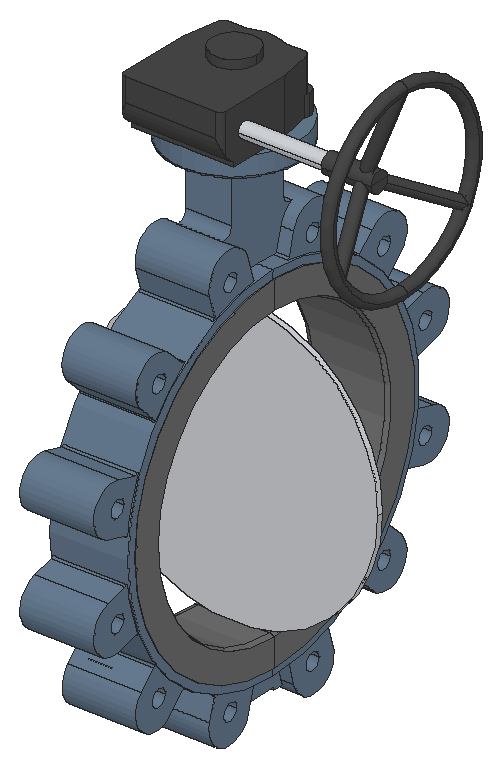
Revit family "Absperr- und Regulierklappe mit Getriebe AF-4219", category Rohrzubehör, Revit 2019
Family settings
  Bemaßung runder Anschluss = Durchmesser verwenden
  Teiletyp = Unterbricht
  OmniClass-Nummer = 23.65.55.14
  OmniClass-Titel = Valves for Liquid Services
  Arbeitsebenenbasiert = Nein
  Immer vertikal = Ja
  Beim Laden mit Abzugskörper schneiden = Nein
  Gemeinsam genutzt = Nein
Parameters
  URL = "www.herz-armaturen.at"
  Spindel = "Edelstahl ASTM-A276 / Type 316"  # constant formula
  Schrauben [instance] = if(Nennweite = 50 mm, "4x M16x35", if(Nennweite = 65 mm, "4x M16x35", if(Nennweite = 80 mm, "8x M16x35", if(Nennweite = 100 mm, "8x M16x40", if(Nennweite = 125 mm, "8x M16x40", if(Nennweite = 150 mm, "8x M20x40", if(Nennweite = 200 mm, "12x M20x45", if(Nennweite = 250 mm, "12x M24x45", "12x M24x45"))))))))  # "12x M24x45"
  SCTWSEQ = "FW;SBT_TYP_FW=\"101\";2"
  SCTWCODE = "04;07;02"  # constant formula
  SCRNSEQ = "ARM;ARM_TYP=\"ALLF\";2"
  SCRNCODE = "05;13;02"  # constant formula
  R99 = 1.5 mm  # constant formula
  PN [instance] = size_lookup("4219_AF_G", "PN", 16, Nennweite)  # 10
  O-Ring = "EPDM entsprechend ISO 1691"  # constant formula
  Min.Betriebstemperatur = "-20.00 °C bei entsprechneder Wasser-Glycolmischung"  # constant formula
  Medium = "Ethylen- und Propyleneglykol kann in einem Mischungsverhältnis zwischen 25 - 50 vol. [%] verwendet werden."
  Max.Betriebstemperatur = 110 °C  # constant formula
  L04 [instance] = L01 - 3.5 mm  # 35.5 mm
  L03 [instance] = L01 + 1.5 mm  # 40.5 mm
  L02 [instance] = size_lookup("4219_AF_G", "L2", 14.5 mm, Nennweite)  # 30.5 mm
  L01 [instance] = size_lookup("4219_AF_G", "L1", 21.5 mm, Nennweite)  # 39 mm
  R01 [instance] = size_lookup("4219_AF_G", "R1", 44 mm, Nennweite)  # 65 mm
  Nennweite [instance] = 300 mm
  Klappenscheibe = "Edelstahl 1.4408"  # constant formula
  Hersteller = "HERZ Armaturen Ges.m.b.H."  # constant formula
  Hebel DN50-150 = "Stahl, ST14.03"  # constant formula
  Hebel DN200-DN300 = "Stahl, S235 DIN2458/1626"  # constant formula
  H02 [instance] = size_lookup("4219_AF_G", "H2", 13 mm, Nennweite)  # 20 mm
  H01 [instance] = size_lookup("4219_AF_G", "H1", 125 mm, Nennweite)  # 308 mm
  Gewicht [instance] = size_lookup("4219_AF_G", "Gewicht", 3.8, Nennweite)  # 37.6
  Gehäuseauskleidung = "EPDM entsprechend ISO 1691"  # constant formula
  Gehäuse = "GGG, GJS-400-15/JS1030, entsprechend EN1563"  # constant formula
  Drehmoment in NM [instance] = size_lookup("4219_AF_G", "Nm", 20, Nennweite)  # 350
  DN80 [instance] = Nennweite = 80 mm  # no
  DN65 [instance] = Nennweite = 65 mm  # no
  DN50 [instance] = Nennweite = 50 mm  # no
  DN300 [instance] = Nennweite = 300 mm  # yes
  DN250 [instance] = Nennweite = 250 mm  # no
  DN200 [instance] = Nennweite = 200 mm  # no
  DN150 [instance] = Nennweite = 150 mm  # no
  DN125 [instance] = Nennweite = 125 mm  # no
  DN100 [instance] = Nennweite = 100 mm  # no
  D06 [instance] = size_lookup("4219_AF_G", "D6", 25.3 mm, Nennweite)  # 146.5 mm
  D05 [instance] = size_lookup("4219_AF_G", "D5", 24.5 mm, Nennweite)  # 145 mm
  D04 [instance] = D05 + 2 mm  # 147 mm
  D03 [instance] = size_lookup("4219_AF_G", "D3", 35.5 mm, Nennweite)  # 167.5 mm
  D02 [instance] = size_lookup("4219_AF_G", "D2", 41 mm, Nennweite)  # 175 mm
  D01 [instance] = size_lookup("4219_AF_G", "D1", 47 mm, Nennweite)  # 183 mm
  Bestellnummer [instance] = size_lookup("4219_AF_G", "Artnr", 421911, Nennweite)  # 1421979
  Anwendungsgebiet = "Geeignet für Flüssigkeiten in der Haustechnik, Kaltwasser, Heißwasser, etc."
  Anschlussflansch = "entsprechend EN1092-2"  # constant formula
Reference planes
  plane 1 "Mitte (Vorne/hinten)": y = 0
  plane 2: z = 0
  plane 3 "Mitte (Links/rechts)": x = 0
Forms (mm)
  Revolve 1, solid, material "Herz-Metall-blau", detail levels fine
    sketch origin (0, 0, 0) x (1, 0, 0) y (0, 0, 1)
      loop
        line (-30.5, 175) -> (-30.5, 167.5) -> (30.5, 167.5) -> (30.5, 175) -> (39, 175) -> (39, 183) -> (-39, 183) -> (-39, 175) -> (-30.5, 175)
      axis (-39, 0) -> (39, 0)
    angle from 0 to 360
  Revolve 2, solid, material "Herz-Metall-blau", detail levels fine
    sketch origin (0, 0, 0) x (1, 0, 0) y (0, 0, 1)
      loop
        line (-65, 308) -> (-65, 289.463)
        arc (-65, 289.463) -> (-64.673, 288.527) -> (-63.833, 288) r 1.5
        line (-63.833, 288) -> (0, 288) -> (0, 308) -> (-65, 308)
      axis (0, 308) -> (0, 288)
    angle from 0 to 360
  Extrusion 3, solid, material "Herz-Metall-blau", visible <- "DN50", detail levels fine
    sketch origin (0, 0, 0) x (0, 1, 0) y (0, 0, 1)
      loop
        line (56.215, -32.173) -> (43.95, -19.909)
        arc (43.95, -19.909) -> (43.387, -18.793) -> (43.596, -17.56) r 2
        arc (43.596, -17.56) -> (33.234, -33.234) -> (17.56, -43.596) r 47
        arc (17.56, -43.596) -> (18.793, -43.387) -> (19.909, -43.95) r 2
        line (19.909, -43.95) -> (32.173, -56.215)
        arc (32.173, -56.215) -> (56.215, -56.215) -> (56.215, -32.173) r 17
      loop
        arc (-56.215, -32.173) -> (-56.215, -56.215) -> (-32.173, -56.215) r 17
        line (-32.173, -56.215) -> (-19.909, -43.95)
        arc (-19.909, -43.95) -> (-18.793, -43.387) -> (-17.56, -43.596) r 2
        arc (-17.56, -43.596) -> (-33.234, -33.234) -> (-43.596, -17.56) r 47
        arc (-43.596, -17.56) -> (-43.387, -18.793) -> (-43.95, -19.909) r 2
        line (-43.95, -19.909) -> (-56.215, -32.173)
      loop
        arc (56.215, 32.173) -> (56.215, 56.215) -> (32.173, 56.215) r 17
        line (32.173, 56.215) -> (19.909, 43.95)
        arc (19.909, 43.95) -> (18.793, 43.387) -> (17.56, 43.596) r 2
        arc (17.56, 43.596) -> (33.234, 33.234) -> (43.596, 17.56) r 47
        arc (43.596, 17.56) -> (43.387, 18.793) -> (43.95, 19.909) r 2
        line (43.95, 19.909) -> (56.215, 32.173)
      loop
        line (-56.215, 32.173) -> (-43.95, 19.909)
        arc (-43.95, 19.909) -> (-43.387, 18.793) -> (-43.596, 17.56) r 2
        arc (-43.596, 17.56) -> (-33.234, 33.234) -> (-17.56, 43.596) r 47
        arc (-17.56, 43.596) -> (-18.793, 43.387) -> (-19.909, 43.95) r 2
        line (-19.909, 43.95) -> (-32.173, 56.215)
        arc (-32.173, 56.215) -> (-56.215, 56.215) -> (-56.215, 32.173) r 17
      loop
        circle (-44.194, 44.194) r 6.92
      loop
        circle (44.194, 44.194) r 6.92
      loop
        circle (44.194, -44.194) r 6.92
      loop
        circle (-44.194, -44.194) r 6.92
    from -19.5 to 19.5
  Extrusion 4, solid, material "Herz-Metall-blau", visible <- "DN50", detail levels fine
    sketch origin (0, 0, 0) x (0, 1, 0) y (0, 0, 1)
      loop
        line (20, 74.845) -> (20, 112) -> (-20, 112) -> (-20, 74.845)
        arc (-20, 74.845) -> (-26.046, 62.811) -> (-39.31, 60.477) r 15
        arc (-39.31, 60.477) -> (-35.477, 58.789) -> (-32.173, 56.215) r 17
        line (-32.173, 56.215) -> (-19.909, 43.95)
        arc (-19.909, 43.95) -> (-18.793, 43.387) -> (-17.56, 43.596) r 2
        arc (-17.56, 43.596) -> (0, 47) -> (17.56, 43.596) r 47
        arc (17.56, 43.596) -> (18.793, 43.387) -> (19.909, 43.95) r 2
        line (19.909, 43.95) -> (32.173, 56.215)
        arc (32.173, 56.215) -> (35.477, 58.789) -> (39.31, 60.477) r 17
        arc (39.31, 60.477) -> (26.046, 62.811) -> (20, 74.845) r 15
    from -15 to 15
  Extrusion 5, solid, material "Herz-Metall-blau", visible <- "DN50"
    sketch origin (0, 0, 0) x (0, 1, 0) y (0, 0, 1)
      loop
        arc (33.834, -58) -> (34.246, -58.062) -> (34.622, -58.243) r 1.4
        arc (34.622, -58.243) -> (33.35, -57.286) -> (32.173, -56.215) r 17
        line (32.173, -56.215) -> (19.909, -43.95)
        arc (19.909, -43.95) -> (18.793, -43.387) -> (17.56, -43.596) r 2
        arc (17.56, -43.596) -> (0, -47) -> (-17.56, -43.596) r 47
        arc (-17.56, -43.596) -> (-18.793, -43.387) -> (-19.909, -43.95) r 2
        line (-19.909, -43.95) -> (-32.173, -56.215)
        arc (-32.173, -56.215) -> (-33.35, -57.286) -> (-34.622, -58.243) r 17
        arc (-34.622, -58.243) -> (-34.246, -58.062) -> (-33.834, -58) r 1.4
        line (-33.834, -58) -> (-16.963, -58)
        arc (-16.963, -58) -> (-15.575, -58.575) -> (-15, -59.963) r 1.963
        line (-15, -59.963) -> (-15, -61) -> (15, -61) -> (15, -59.963)
        arc (15, -59.963) -> (15.575, -58.575) -> (16.963, -58) r 1.963
        line (16.963, -58) -> (33.834, -58)
    from -15 to 15
  Revolve 6, solid, material "Gummi", detail levels fine
    sketch origin (-134.5, 0, 0) x (1, 0, 0) y (0, 0, 1)
      loop
        line (94, 175) -> (94, 147) -> (99, 145) -> (170, 145) -> (175, 147) -> (175, 175) -> (165, 175) -> (165, 167.5) -> (104, 167.5) -> (104, 175) -> (94, 175)
      axis (94, 0) -> (175, 0)
    angle from 0 to 360
  Extrusion 7, solid, detail levels fine
    sketch origin (0, 0, 0) x (1, 0, 0) y (0, 0, 1)
      loop
        circle (0, 0) r 146.5
    from -2.5 to 2.5
  Extrusion 8, solid, material "Herz-Metall-blau", visible <- "DN65", detail levels fine
    sketch origin (0, -300, 0) x (0, 1, 0) y (0, 0, 1)
      loop
        circle (351.265, 51.265) r 6.92
      loop
        arc (363.286, 39.244) -> (363.286, 63.286) -> (339.244, 63.286) r 17
        line (339.244, 63.286) -> (328.595, 52.636)
        arc (328.595, 52.636) -> (327.499, 52.076) -> (326.282, 52.264) r 2
        arc (326.282, 52.264) -> (341.366, 41.366) -> (352.264, 26.282) r 58.501
        arc (352.264, 26.282) -> (352.087, 27.51) -> (352.656, 28.614) r 2.038
        line (352.656, 28.614) -> (363.286, 39.244)
      loop
        circle (351.265, -51.265) r 6.92
      loop
        line (363.286, -39.244) -> (352.656, -28.614)
        arc (352.656, -28.614) -> (352.087, -27.51) -> (352.264, -26.282) r 2.038
        arc (352.264, -26.282) -> (341.366, -41.366) -> (326.282, -52.264) r 58.501
        arc (326.282, -52.264) -> (327.499, -52.076) -> (328.595, -52.636) r 2
        line (328.595, -52.636) -> (339.244, -63.286)
        arc (339.244, -63.286) -> (363.286, -63.286) -> (363.286, -39.244) r 17
      loop
        circle (248.735, 51.265) r 6.92
      loop
        line (236.714, 39.244) -> (247.344, 28.614)
        arc (247.344, 28.614) -> (247.913, 27.51) -> (247.736, 26.282) r 2.038
        arc (247.736, 26.282) -> (258.634, 41.366) -> (273.718, 52.264) r 58.501
        arc (273.718, 52.264) -> (272.501, 52.076) -> (271.405, 52.636) r 2
        line (271.405, 52.636) -> (260.756, 63.286)
        arc (260.756, 63.286) -> (236.714, 63.286) -> (236.714, 39.244) r 17
      loop
        circle (248.735, -51.265) r 6.92
      loop
        arc (236.714, -39.244) -> (236.714, -63.286) -> (260.756, -63.286) r 17
        line (260.756, -63.286) -> (271.405, -52.636)
        arc (271.405, -52.636) -> (272.501, -52.076) -> (273.718, -52.264) r 2
        arc (273.718, -52.264) -> (258.634, -41.366) -> (247.736, -26.282) r 58.501
        arc (247.736, -26.282) -> (247.913, -27.51) -> (247.344, -28.614) r 2.038
        line (247.344, -28.614) -> (236.714, -39.244)
    from -21 to 21
  Extrusion 9, solid, material "Herz-Metall-blau", visible <- "DN65", detail levels fine
    sketch origin (0, -300, 0) x (0, 1, 0) y (0, 0, 1)
      loop
        line (278, 136.5) -> (278, 78.286)
        arc (278, 78.286) -> (272.889, 69.099) -> (263, 65.53) r 14.984
        line (263, 65.53) -> (257.982, 65.53)
        arc (257.982, 65.53) -> (259.428, 64.481) -> (260.756, 63.286) r 17
        line (260.756, 63.286) -> (271.405, 52.636)
        arc (271.405, 52.636) -> (272.501, 52.076) -> (273.718, 52.264) r 2
        arc (273.718, 52.264) -> (300, 58.5) -> (326.282, 52.264) r 58.5
        arc (326.282, 52.264) -> (327.499, 52.076) -> (328.595, 52.636) r 2
        line (328.595, 52.636) -> (339.244, 63.286)
        arc (339.244, 63.286) -> (340.572, 64.481) -> (342.018, 65.53) r 17
        line (342.018, 65.53) -> (337, 65.53)
        arc (337, 65.53) -> (327.111, 69.099) -> (322, 78.286) r 14.984
        line (322, 78.286) -> (322, 136.5) -> (278, 136.5)
      loop
        arc (260.756, -63.286) -> (259.428, -64.481) -> (257.982, -65.53) r 17
        line (257.982, -65.53) -> (280.029, -65.53)
        arc (280.029, -65.53) -> (281.423, -66.108) -> (282, -67.501) r 1.971
        line (282, -67.501) -> (282, -74) -> (318, -74) -> (318, -67.527)
        arc (318, -67.527) -> (318.585, -66.115) -> (319.997, -65.53) r 1.997
        line (319.997, -65.53) -> (342.018, -65.53)
        arc (342.018, -65.53) -> (340.572, -64.481) -> (339.244, -63.286) r 17
        line (339.244, -63.286) -> (328.595, -52.636)
        arc (328.595, -52.636) -> (327.499, -52.076) -> (326.282, -52.264) r 2
        arc (326.282, -52.264) -> (300, -58.5) -> (273.718, -52.264) r 58.5
        arc (273.718, -52.264) -> (272.501, -52.076) -> (271.405, -52.636) r 2
        line (271.405, -52.636) -> (260.756, -63.286)
    from -18 to 18
  Extrusion 10, solid, material "Herz-Metall-blau", visible <- "DN80", detail levels fine
    sketch origin (0, -300, 0) x (0, 1, 0) y (0, 0, 1)
      loop
        circle (269.385, 73.91) r 6.92
      loop
        arc (285.091, 80.416) -> (262.88, 89.616) -> (253.679, 67.405) r 17
        line (253.679, 67.405) -> (259.513, 53.322)
        arc (259.513, 53.322) -> (259.602, 52.073) -> (258.924, 51.02) r 1.982
        arc (258.924, 51.02) -> (274.934, 60.514) -> (292.968, 65.121) r 65.5
        arc (292.968, 65.121) -> (291.745, 65.388) -> (290.924, 66.335) r 1.984
        line (290.924, 66.335) -> (285.091, 80.416)
      loop
        circle (226.09, 30.615) r 6.92
      loop
        line (219.584, 14.909) -> (233.665, 9.076)
        arc (233.665, 9.076) -> (234.612, 8.255) -> (234.879, 7.032) r 1.984
        arc (234.879, 7.032) -> (239.486, 25.066) -> (248.98, 41.076) r 65.5
        arc (248.98, 41.076) -> (247.927, 40.398) -> (246.678, 40.487) r 1.982
        line (246.678, 40.487) -> (232.595, 46.321)
        arc (232.595, 46.321) -> (210.384, 37.12) -> (219.584, 14.909) r 17
      loop
        circle (269.385, -73.91) r 6.92
      loop
        line (285.091, -80.416) -> (290.924, -66.335)
        arc (290.924, -66.335) -> (291.745, -65.388) -> (292.968, -65.121) r 1.984
        arc (292.968, -65.121) -> (274.934, -60.514) -> (258.924, -51.02) r 65.5
        arc (258.924, -51.02) -> (259.602, -52.073) -> (259.513, -53.322) r 1.982
        line (259.513, -53.322) -> (253.679, -67.405)
        arc (253.679, -67.405) -> (262.88, -89.616) -> (285.091, -80.416) r 17
      loop
        circle (226.09, -30.615) r 6.92
      loop
        arc (219.584, -14.909) -> (210.384, -37.12) -> (232.595, -46.321) r 17
        line (232.595, -46.321) -> (246.678, -40.487)
        arc (246.678, -40.487) -> (247.927, -40.398) -> (248.98, -41.076) r 1.982
        arc (248.98, -41.076) -> (239.486, -25.066) -> (234.879, -7.032) r 65.5
        arc (234.879, -7.032) -> (234.612, -8.255) -> (233.665, -9.076) r 1.984
        line (233.665, -9.076) -> (219.584, -14.909)
      loop
        circle (330.615, 73.91) r 6.92
      loop
        line (314.909, 80.416) -> (309.076, 66.335)
        arc (309.076, 66.335) -> (308.255, 65.388) -> (307.032, 65.121) r 1.984
        arc (307.032, 65.121) -> (325.066, 60.514) -> (341.076, 51.02) r 65.5
        arc (341.076, 51.02) -> (340.398, 52.073) -> (340.487, 53.322) r 1.982
        line (340.487, 53.322) -> (346.321, 67.405)
        arc (346.321, 67.405) -> (337.12, 89.616) -> (314.909, 80.416) r 17
      loop
        circle (373.91, 30.615) r 6.92
      loop
        arc (380.416, 14.909) -> (389.616, 37.12) -> (367.405, 46.321) r 17
        line (367.405, 46.321) -> (353.322, 40.487)
        arc (353.322, 40.487) -> (352.073, 40.398) -> (351.02, 41.076) r 1.982
        arc (351.02, 41.076) -> (360.514, 25.066) -> (365.121, 7.032) r 65.5
        arc (365.121, 7.032) -> (365.388, 8.255) -> (366.335, 9.076) r 1.984
        line (366.335, 9.076) -> (380.416, 14.909)
      loop
        circle (330.615, -73.91) r 6.92
      loop
        arc (314.909, -80.416) -> (337.12, -89.616) -> (346.321, -67.405) r 17
        line (346.321, -67.405) -> (340.487, -53.322)
        arc (340.487, -53.322) -> (340.398, -52.073) -> (341.076, -51.02) r 1.982
        arc (341.076, -51.02) -> (325.066, -60.514) -> (307.032, -65.121) r 65.5
        arc (307.032, -65.121) -> (308.255, -65.388) -> (309.076, -66.335) r 1.984
        line (309.076, -66.335) -> (314.909, -80.416)
      loop
        circle (373.91, -30.615) r 6.92
      loop
        line (380.416, -14.909) -> (366.335, -9.076)
        arc (366.335, -9.076) -> (365.388, -8.255) -> (365.121, -7.032) r 1.984
        arc (365.121, -7.032) -> (360.514, -25.066) -> (351.02, -41.076) r 65.5
        arc (351.02, -41.076) -> (352.073, -40.398) -> (353.322, -40.487) r 1.982
        line (353.322, -40.487) -> (367.405, -46.321)
        arc (367.405, -46.321) -> (389.616, -37.12) -> (380.416, -14.909) r 17
    from -21 to 21
  Extrusion 11, solid, material "Herz-Metall-blau", visible <- "DN80", detail levels fine
    sketch origin (0, -300, 0) x (0, 1, 0) y (0, 0, 1)
      loop
        line (278, 143.5) -> (278, 100.814)
        arc (278, 100.814) -> (275.545, 94.251) -> (269.385, 90.91) r 10
        arc (269.385, 90.91) -> (278.83, 88.045) -> (285.091, 80.416) r 17
        line (285.091, 80.416) -> (290.924, 66.335)
        arc (290.924, 66.335) -> (291.744, 65.388) -> (292.968, 65.121) r 1.984
        arc (292.968, 65.121) -> (300, 65.497) -> (307.032, 65.121) r 66.05
        arc (307.032, 65.121) -> (308.256, 65.388) -> (309.076, 66.335) r 1.984
        line (309.076, 66.335) -> (314.909, 80.416)
        arc (314.909, 80.416) -> (321.17, 88.045) -> (330.615, 90.91) r 17
        arc (330.615, 90.91) -> (324.455, 94.251) -> (322, 100.814) r 10
        line (322, 100.814) -> (322, 143.5) -> (278, 143.5)
      loop
        line (285.091, -80.416) -> (286.5, -80.946) -> (313.5, -80.946) -> (314.89, -80.371) -> (309.076, -66.335)
        arc (309.076, -66.335) -> (308.256, -65.388) -> (307.032, -65.121) r 1.984
        arc (307.032, -65.121) -> (300, -65.497) -> (292.968, -65.121) r 66.05
        arc (292.968, -65.121) -> (291.744, -65.388) -> (290.924, -66.335) r 1.984
        line (290.924, -66.335) -> (285.091, -80.416)
    from -18.5 to 18.5
  Extrusion 12, solid, material "Herz-Metall-blau", visible <- "DN100", detail levels fine
    sketch origin (0, -300, 0) x (0, 1, 0) y (0, 0, 1)
      loop
        circle (265.558, 83.149) r 6.92
      loop
        arc (281.264, 89.655) -> (259.053, 98.855) -> (249.853, 76.644) r 17
        line (249.853, 76.644) -> (255.731, 62.451)
        arc (255.731, 62.451) -> (255.813, 61.14) -> (255.074, 60.055) r 2.025
        arc (255.074, 60.055) -> (271.3, 69.291) -> (289.305, 74.233) r 75
        arc (289.305, 74.233) -> (288.012, 74.478) -> (287.142, 75.464) r 2.027
        line (287.142, 75.464) -> (281.264, 89.655)
      loop
        circle (216.851, 34.442) r 6.92
      loop
        line (210.345, 18.736) -> (224.536, 12.858)
        arc (224.536, 12.858) -> (225.522, 11.988) -> (225.767, 10.695) r 2.027
        arc (225.767, 10.695) -> (230.709, 28.7) -> (239.945, 44.926) r 75
        arc (239.945, 44.926) -> (238.86, 44.187) -> (237.549, 44.269) r 2.025
        line (237.549, 44.269) -> (223.356, 50.147)
        arc (223.356, 50.147) -> (201.145, 40.947) -> (210.345, 18.736) r 17
      loop
        circle (265.558, -83.149) r 6.92
      loop
        line (281.264, -89.655) -> (287.142, -75.464)
        arc (287.142, -75.464) -> (288.012, -74.478) -> (289.305, -74.233) r 2.027
        arc (289.305, -74.233) -> (271.3, -69.291) -> (255.074, -60.055) r 75
        arc (255.074, -60.055) -> (255.813, -61.14) -> (255.731, -62.451) r 2.025
        line (255.731, -62.451) -> (249.853, -76.644)
        arc (249.853, -76.644) -> (259.053, -98.855) -> (281.264, -89.655) r 17
      loop
        circle (216.851, -34.442) r 6.92
      loop
        arc (210.345, -18.736) -> (201.145, -40.947) -> (223.356, -50.147) r 17
        line (223.356, -50.147) -> (237.549, -44.269)
        arc (237.549, -44.269) -> (238.86, -44.187) -> (239.945, -44.926) r 2.025
        arc (239.945, -44.926) -> (230.709, -28.7) -> (225.767, -10.695) r 75
        arc (225.767, -10.695) -> (225.522, -11.988) -> (224.536, -12.858) r 2.027
        line (224.536, -12.858) -> (210.345, -18.736)
      loop
        circle (334.442, 83.149) r 6.92
      loop
        line (318.736, 89.655) -> (312.858, 75.464)
        arc (312.858, 75.464) -> (311.988, 74.478) -> (310.695, 74.233) r 2.027
        arc (310.695, 74.233) -> (328.7, 69.291) -> (344.926, 60.055) r 75
        arc (344.926, 60.055) -> (344.187, 61.14) -> (344.269, 62.451) r 2.025
        line (344.269, 62.451) -> (350.147, 76.644)
        arc (350.147, 76.644) -> (340.947, 98.855) -> (318.736, 89.655) r 17
      loop
        circle (383.149, 34.442) r 6.92
      loop
        arc (389.655, 18.736) -> (398.855, 40.947) -> (376.644, 50.147) r 17
        line (376.644, 50.147) -> (362.451, 44.269)
        arc (362.451, 44.269) -> (361.14, 44.187) -> (360.055, 44.926) r 2.025
        arc (360.055, 44.926) -> (369.291, 28.7) -> (374.233, 10.695) r 75
        arc (374.233, 10.695) -> (374.478, 11.988) -> (375.464, 12.858) r 2.027
        line (375.464, 12.858) -> (389.655, 18.736)
      loop
        circle (334.442, -83.149) r 6.92
      loop
        arc (318.736, -89.655) -> (340.947, -98.855) -> (350.147, -76.644) r 17
        line (350.147, -76.644) -> (344.269, -62.451)
        arc (344.269, -62.451) -> (344.187, -61.14) -> (344.926, -60.055) r 2.025
        arc (344.926, -60.055) -> (328.7, -69.291) -> (310.695, -74.233) r 75
        arc (310.695, -74.233) -> (311.988, -74.478) -> (312.858, -75.464) r 2.027
        line (312.858, -75.464) -> (318.736, -89.655)
      loop
        circle (383.149, -34.442) r 6.92
      loop
        line (389.655, -18.736) -> (375.464, -12.858)
        arc (375.464, -12.858) -> (374.478, -11.988) -> (374.233, -10.695) r 2.027
        arc (374.233, -10.695) -> (369.291, -28.7) -> (360.055, -44.926) r 75
        arc (360.055, -44.926) -> (361.14, -44.187) -> (362.451, -44.269) r 2.025
        line (362.451, -44.269) -> (376.644, -50.147)
        arc (376.644, -50.147) -> (398.855, -40.947) -> (389.655, -18.736) r 17
    from -24 to 24
  Extrusion 13, solid, material "Herz-Metall-blau", visible <- "DN100", detail levels fine
    sketch origin (0, -300, 0) x (0, 1, 0) y (0, 0, 1)
      loop
        line (274, 167) -> (274, 114.47)
        arc (274, 114.47) -> (270.644, 105.014) -> (262.078, 99.789) r 15
        arc (262.078, 99.789) -> (273.498, 98.181) -> (281.264, 89.655) r 17
        line (281.264, 89.655) -> (287.142, 75.464)
        arc (287.142, 75.464) -> (288.012, 74.478) -> (289.305, 74.233) r 2.027
        arc (289.305, 74.233) -> (300, 75) -> (310.695, 74.233) r 75
        arc (310.695, 74.233) -> (311.988, 74.478) -> (312.858, 75.464) r 2.027
        line (312.858, 75.464) -> (318.736, 89.655)
        arc (318.736, 89.655) -> (326.502, 98.181) -> (337.922, 99.789) r 17
        arc (337.922, 99.789) -> (329.356, 105.014) -> (326, 114.47) r 15
        line (326, 114.47) -> (326, 167) -> (274, 167)
      loop
        line (286.5, -93) -> (313.5, -93) -> (313.5, -96) -> (323.312, -96)
        arc (323.312, -96) -> (320.654, -93.094) -> (318.736, -89.655) r 17
        line (318.736, -89.655) -> (312.858, -75.464)
        arc (312.858, -75.464) -> (311.988, -74.478) -> (310.695, -74.233) r 2.027
        arc (310.695, -74.233) -> (300, -75) -> (289.305, -74.233) r 75
        arc (289.305, -74.233) -> (288.012, -74.478) -> (287.142, -75.464) r 2.027
        line (287.142, -75.464) -> (281.264, -89.655)
        arc (281.264, -89.655) -> (279.346, -93.094) -> (276.688, -96) r 17
        line (276.688, -96) -> (286.5, -96) -> (286.5, -93)
    from -18 to 18
  Extrusion 14, solid, material "Herz-Metall-blau", visible <- "DN125", detail levels fine
    sketch origin (0, -300, 0) x (0, 1, 0) y (0, 0, 1)
      loop
        circle (259.818, 97.007) r 6.92
      loop
        arc (275.524, 103.513) -> (253.313, 112.713) -> (244.112, 90.502) r 17
        line (244.112, 90.502) -> (249.217, 78.179)
        arc (249.217, 78.179) -> (249.286, 76.825) -> (248.485, 75.731) r 2.023
        arc (248.485, 75.731) -> (264.902, 84.594) -> (282.772, 89.957) r 91.852
        arc (282.772, 89.957) -> (281.505, 90.18) -> (280.649, 91.141) r 1.958
        line (280.649, 91.141) -> (275.524, 103.513)
      loop
        circle (202.993, 40.182) r 6.92
      loop
        line (196.487, 24.476) -> (208.859, 19.351)
        arc (208.859, 19.351) -> (209.82, 18.495) -> (210.043, 17.228) r 1.958
        arc (210.043, 17.228) -> (215.406, 35.098) -> (224.269, 51.515) r 91.852
        arc (224.269, 51.515) -> (223.175, 50.714) -> (221.821, 50.783) r 2.023
        line (221.821, 50.783) -> (209.498, 55.888)
        arc (209.498, 55.888) -> (187.287, 46.687) -> (196.487, 24.476) r 17
      loop
        circle (259.818, -97.007) r 6.92
      loop
        line (275.524, -103.513) -> (280.649, -91.141)
        arc (280.649, -91.141) -> (281.505, -90.18) -> (282.772, -89.957) r 1.958
        arc (282.772, -89.957) -> (264.902, -84.594) -> (248.485, -75.731) r 91.852
        arc (248.485, -75.731) -> (249.286, -76.825) -> (249.217, -78.179) r 2.023
        line (249.217, -78.179) -> (244.112, -90.502)
        arc (244.112, -90.502) -> (253.313, -112.713) -> (275.524, -103.513) r 17
      loop
        circle (202.993, -40.182) r 6.92
      loop
        arc (196.487, -24.476) -> (187.287, -46.687) -> (209.498, -55.888) r 17
        line (209.498, -55.888) -> (221.821, -50.783)
        arc (221.821, -50.783) -> (223.175, -50.714) -> (224.269, -51.515) r 2.023
        arc (224.269, -51.515) -> (215.406, -35.098) -> (210.043, -17.228) r 91.852
        arc (210.043, -17.228) -> (209.82, -18.495) -> (208.859, -19.351) r 1.958
        line (208.859, -19.351) -> (196.487, -24.476)
      loop
        circle (340.182, 97.007) r 6.92
      loop
        line (324.476, 103.513) -> (319.351, 91.141)
        arc (319.351, 91.141) -> (318.495, 90.18) -> (317.228, 89.957) r 1.958
        arc (317.228, 89.957) -> (335.098, 84.594) -> (351.515, 75.731) r 91.852
        arc (351.515, 75.731) -> (350.714, 76.825) -> (350.783, 78.179) r 2.023
        line (350.783, 78.179) -> (355.888, 90.502)
        arc (355.888, 90.502) -> (346.687, 112.713) -> (324.476, 103.513) r 17
      loop
        circle (397.007, 40.182) r 6.92
      loop
        arc (403.513, 24.476) -> (412.713, 46.687) -> (390.502, 55.888) r 17
        line (390.502, 55.888) -> (378.179, 50.783)
        arc (378.179, 50.783) -> (376.825, 50.714) -> (375.731, 51.515) r 2.023
        arc (375.731, 51.515) -> (384.594, 35.098) -> (389.957, 17.228) r 91.852
        arc (389.957, 17.228) -> (390.18, 18.495) -> (391.141, 19.351) r 1.958
        line (391.141, 19.351) -> (403.513, 24.476)
      loop
        circle (340.182, -97.007) r 6.92
      loop
        arc (324.476, -103.513) -> (346.687, -112.713) -> (355.888, -90.502) r 17
        line (355.888, -90.502) -> (350.783, -78.179)
        arc (350.783, -78.179) -> (350.714, -76.825) -> (351.515, -75.731) r 2.023
        arc (351.515, -75.731) -> (335.098, -84.594) -> (317.228, -89.957) r 91.852
        arc (317.228, -89.957) -> (318.495, -90.18) -> (319.351, -91.141) r 1.958
        line (319.351, -91.141) -> (324.476, -103.513)
      loop
        circle (397.007, -40.182) r 6.92
      loop
        line (403.513, -24.476) -> (391.141, -19.351)
        arc (391.141, -19.351) -> (390.18, -18.495) -> (389.957, -17.228) r 1.958
        arc (389.957, -17.228) -> (384.594, -35.098) -> (375.731, -51.515) r 91.852
        arc (375.731, -51.515) -> (376.825, -50.714) -> (378.179, -50.783) r 2.023
        line (378.179, -50.783) -> (390.502, -55.888)
        arc (390.502, -55.888) -> (412.713, -46.687) -> (403.513, -24.476) r 17
    from -26 to 26
  Extrusion 15, solid, material "Herz-Metall-blau", visible <- "DN125", detail levels fine
    sketch origin (0, -300, 0) x (0, 1, 0) y (0, 0, 1)
      loop
        line (273.999, 186) -> (273.95, 123.689)
        arc (273.95, 123.689) -> (270.458, 116.096) -> (262.42, 113.807) r 10
        arc (262.42, 113.807) -> (270.32, 110.376) -> (275.524, 103.513) r 17
        line (275.524, 103.513) -> (280.649, 91.141)
        arc (280.649, 91.141) -> (281.528, 90.167) -> (282.825, 89.967) r 1.958
        arc (282.825, 89.967) -> (299.999, 91.589) -> (317.173, 89.967) r 91.7
        arc (317.173, 89.967) -> (318.469, 90.167) -> (319.348, 91.141) r 1.958
        line (319.348, 91.141) -> (324.473, 103.513)
        arc (324.473, 103.513) -> (329.677, 110.376) -> (337.577, 113.807) r 17
        arc (337.577, 113.807) -> (329.539, 116.096) -> (325.999, 123.689) r 10
        line (325.999, 123.689) -> (325.999, 186) -> (273.999, 186)
      loop
        line (286.499, -110.51) -> (313.499, -110.51) -> (313.499, -113.51) -> (336.099, -113.51)
        arc (336.099, -113.51) -> (329.095, -109.897) -> (324.473, -103.513) r 17
        line (324.473, -103.513) -> (319.348, -91.141)
        arc (319.348, -91.141) -> (318.469, -90.167) -> (317.173, -89.967) r 1.958
        arc (317.173, -89.967) -> (299.999, -91.589) -> (282.825, -89.967) r 91.7
        arc (282.825, -89.967) -> (281.528, -90.167) -> (280.649, -91.141) r 1.958
        line (280.649, -91.141) -> (275.524, -103.513)
        arc (275.524, -103.513) -> (270.902, -109.897) -> (263.898, -113.51) r 17
        line (263.898, -113.51) -> (286.499, -113.51) -> (286.499, -110.51)
    from -18 to 18
  Extrusion 16, solid, material "Herz-Metall-blau", visible <- "DN150", detail levels fine
    sketch origin (0, -300, 0) x (0, 1, 0) y (0, 0, 1)
      loop
        circle (254.078, 110.866) r 8.645
      loop
        arc (273.479, 118.902) -> (246.042, 130.267) -> (234.677, 102.829) r 21
        line (234.677, 102.829) -> (241.591, 86.136)
        arc (241.591, 86.136) -> (241.664, 84.82) -> (240.899, 83.746) r 1.993
        arc (240.899, 83.746) -> (260.776, 94.698) -> (282.575, 101.008) r 102.504
        arc (282.575, 101.008) -> (281.263, 101.248) -> (280.379, 102.246) r 2.042
        line (280.379, 102.246) -> (273.479, 118.902)
      loop
        circle (189.134, 45.922) r 8.645
      loop
        line (181.098, 26.521) -> (197.754, 19.621)
        arc (197.754, 19.621) -> (198.752, 18.737) -> (198.992, 17.425) r 2.042
        arc (198.992, 17.425) -> (205.302, 39.224) -> (216.254, 59.101) r 102.504
        arc (216.254, 59.101) -> (215.18, 58.336) -> (213.864, 58.409) r 1.993
        line (213.864, 58.409) -> (197.171, 65.323)
        arc (197.171, 65.323) -> (169.733, 53.958) -> (181.098, 26.521) r 21
      loop
        circle (254.078, -110.866) r 8.645
      loop
        line (273.479, -118.902) -> (280.379, -102.246)
        arc (280.379, -102.246) -> (281.263, -101.248) -> (282.575, -101.008) r 2.042
        arc (282.575, -101.008) -> (260.776, -94.698) -> (240.899, -83.746) r 102.504
        arc (240.899, -83.746) -> (241.664, -84.82) -> (241.591, -86.136) r 1.993
        line (241.591, -86.136) -> (234.677, -102.829)
        arc (234.677, -102.829) -> (246.042, -130.267) -> (273.479, -118.902) r 21
      loop
        circle (189.134, -45.922) r 8.645
      loop
        arc (181.098, -26.521) -> (169.733, -53.958) -> (197.171, -65.323) r 21
        line (197.171, -65.323) -> (213.864, -58.409)
        arc (213.864, -58.409) -> (215.18, -58.336) -> (216.254, -59.101) r 1.993
        arc (216.254, -59.101) -> (205.302, -39.224) -> (198.992, -17.425) r 102.504
        arc (198.992, -17.425) -> (198.752, -18.737) -> (197.754, -19.621) r 2.042
        line (197.754, -19.621) -> (181.098, -26.521)
      loop
        circle (345.922, 110.866) r 8.645
      loop
        line (326.521, 118.902) -> (319.621, 102.246)
        arc (319.621, 102.246) -> (318.737, 101.248) -> (317.425, 101.008) r 2.042
        arc (317.425, 101.008) -> (339.224, 94.698) -> (359.101, 83.746) r 102.504
        arc (359.101, 83.746) -> (358.336, 84.82) -> (358.409, 86.136) r 1.993
        line (358.409, 86.136) -> (365.323, 102.829)
        arc (365.323, 102.829) -> (353.958, 130.267) -> (326.521, 118.902) r 21
      loop
        circle (410.866, 45.922) r 8.645
      loop
        arc (418.902, 26.521) -> (430.267, 53.958) -> (402.829, 65.323) r 21
        line (402.829, 65.323) -> (386.136, 58.409)
        arc (386.136, 58.409) -> (384.82, 58.336) -> (383.746, 59.101) r 1.993
        arc (383.746, 59.101) -> (394.698, 39.224) -> (401.008, 17.425) r 102.504
        arc (401.008, 17.425) -> (401.248, 18.737) -> (402.246, 19.621) r 2.042
        line (402.246, 19.621) -> (418.902, 26.521)
      loop
        circle (345.922, -110.866) r 8.645
      loop
        arc (326.521, -118.902) -> (353.958, -130.267) -> (365.323, -102.829) r 21
        line (365.323, -102.829) -> (358.409, -86.136)
        arc (358.409, -86.136) -> (358.336, -84.82) -> (359.101, -83.746) r 1.993
        arc (359.101, -83.746) -> (339.224, -94.698) -> (317.425, -101.008) r 102.504
        arc (317.425, -101.008) -> (318.737, -101.248) -> (319.621, -102.246) r 2.042
        line (319.621, -102.246) -> (326.521, -118.902)
      loop
        circle (410.866, -45.922) r 8.645
      loop
        line (418.902, -26.521) -> (402.246, -19.621)
        arc (402.246, -19.621) -> (401.248, -18.737) -> (401.008, -17.425) r 2.042
        arc (401.008, -17.425) -> (394.698, -39.224) -> (383.746, -59.101) r 102.504
        arc (383.746, -59.101) -> (384.82, -58.336) -> (386.136, -58.409) r 1.993
        line (386.136, -58.409) -> (402.829, -65.323)
        arc (402.829, -65.323) -> (430.267, -53.958) -> (418.902, -26.521) r 21
    from -26 to 26
  Extrusion 17, solid, material "Herz-Metall-blau", visible <- "DN150", detail levels fine
    sketch origin (0, -300, 0) x (0, 1, 0) y (0, 0, 1)
      loop
        line (274, 199) -> (274, 135)
        arc (274, 135) -> (272.527, 129.776) -> (268.541, 126.091) r 10
        arc (268.541, 126.091) -> (271.388, 122.755) -> (273.479, 118.902) r 21
        line (273.479, 118.902) -> (280.379, 102.246)
        arc (280.379, 102.246) -> (281.28, 101.239) -> (282.612, 101.014) r 2.042
        arc (282.612, 101.014) -> (300, 102.5) -> (317.388, 101.014) r 102.5
        arc (317.388, 101.014) -> (318.72, 101.239) -> (319.621, 102.246) r 2.042
        line (319.621, 102.246) -> (326.521, 118.902)
        arc (326.521, 118.902) -> (328.612, 122.755) -> (331.459, 126.091) r 21
        arc (331.459, 126.091) -> (327.473, 129.776) -> (326, 135) r 10
        line (326, 135) -> (326, 199) -> (274, 199)
      loop
        line (286.5, -122.5) -> (313.5, -122.5) -> (313.5, -125.5) -> (330.861, -125.5)
        arc (330.861, -125.5) -> (328.378, -122.407) -> (326.521, -118.902) r 21
        line (326.521, -118.902) -> (319.621, -102.246)
        arc (319.621, -102.246) -> (318.72, -101.239) -> (317.388, -101.014) r 2.042
        arc (317.388, -101.014) -> (300, -102.5) -> (282.612, -101.014) r 102.5
        arc (282.612, -101.014) -> (281.28, -101.239) -> (280.379, -102.246) r 2.042
        line (280.379, -102.246) -> (273.479, -118.902)
        arc (273.479, -118.902) -> (271.622, -122.407) -> (269.139, -125.5) r 21
        line (269.139, -125.5) -> (286.5, -125.5) -> (286.5, -122.5)
    from -18 to 18
  Extrusion 18, solid, material "Herz-Metall-blau", visible <- "DN200", detail levels fine
    sketch origin (0, -400, 0) x (0, 1, 0) y (0, 0, 1)
      loop
        circle (361.824, 142.474) r 8.645
      loop
        arc (382.109, 147.909) -> (356.389, 162.759) -> (341.54, 137.039) r 21
        line (341.54, 137.039) -> (345.801, 121.136)
        arc (345.801, 121.136) -> (345.679, 119.74) -> (344.688, 118.75) r 2.048
        arc (344.688, 118.75) -> (366.062, 126.527) -> (388.459, 130.491) r 131
        arc (388.459, 130.491) -> (387.159, 130.838) -> (386.388, 131.939) r 1.965
        line (386.388, 131.939) -> (382.109, 147.909)
      loop
        circle (257.526, 38.176) r 8.645
      loop
        line (252.091, 17.891) -> (268.061, 13.612)
        arc (268.061, 13.612) -> (269.162, 12.841) -> (269.509, 11.541) r 1.965
        arc (269.509, 11.541) -> (273.473, 33.938) -> (281.25, 55.312) r 131
        arc (281.25, 55.312) -> (280.26, 54.321) -> (278.864, 54.199) r 2.048
        line (278.864, 54.199) -> (262.961, 58.46)
        arc (262.961, 58.46) -> (237.241, 43.611) -> (252.091, 17.891) r 21
      loop
        circle (295.702, 104.298) r 8.645
      loop
        line (280.853, 89.449) -> (292.543, 77.758)
        arc (292.543, 77.758) -> (293.111, 76.539) -> (292.762, 75.24) r 1.965
        arc (292.762, 75.24) -> (307.393, 92.655) -> (324.816, 107.277) r 131
        arc (324.816, 107.277) -> (323.463, 106.914) -> (322.193, 107.506) r 2.048
        line (322.193, 107.506) -> (310.551, 119.147)
        arc (310.551, 119.147) -> (280.853, 119.147) -> (280.853, 89.449) r 21
      loop
        circle (361.824, -142.474) r 8.645
      loop
        line (382.109, -147.909) -> (386.388, -131.939)
        arc (386.388, -131.939) -> (387.159, -130.838) -> (388.459, -130.491) r 1.965
        arc (388.459, -130.491) -> (366.062, -126.527) -> (344.688, -118.75) r 131
        arc (344.688, -118.75) -> (345.679, -119.74) -> (345.801, -121.136) r 2.048
        line (345.801, -121.136) -> (341.54, -137.039)
        arc (341.54, -137.039) -> (356.389, -162.759) -> (382.109, -147.909) r 21
      loop
        circle (257.526, -38.176) r 8.645
      loop
        arc (252.091, -17.891) -> (237.241, -43.611) -> (262.961, -58.46) r 21
        line (262.961, -58.46) -> (278.864, -54.199)
        arc (278.864, -54.199) -> (280.26, -54.321) -> (281.25, -55.312) r 2.048
        arc (281.25, -55.312) -> (273.473, -33.938) -> (269.509, -11.541) r 131
        arc (269.509, -11.541) -> (269.162, -12.841) -> (268.061, -13.612) r 1.965
        line (268.061, -13.612) -> (252.091, -17.891)
      loop
        circle (295.702, -104.298) r 8.645
      loop
        arc (280.853, -89.449) -> (280.853, -119.147) -> (310.551, -119.147) r 21
        line (310.551, -119.147) -> (322.193, -107.506)
        arc (322.193, -107.506) -> (323.463, -106.914) -> (324.816, -107.277) r 2.048
        arc (324.816, -107.277) -> (307.393, -92.655) -> (292.762, -75.24) r 131
        arc (292.762, -75.24) -> (293.111, -76.539) -> (292.543, -77.758) r 1.965
        line (292.543, -77.758) -> (280.853, -89.449)
      loop
        circle (438.176, 142.474) r 8.645
      loop
        line (417.891, 147.909) -> (413.612, 131.939)
        arc (413.612, 131.939) -> (412.841, 130.838) -> (411.541, 130.491) r 1.965
        arc (411.541, 130.491) -> (433.938, 126.527) -> (455.312, 118.75) r 131
        arc (455.312, 118.75) -> (454.321, 119.74) -> (454.199, 121.136) r 2.048
        line (454.199, 121.136) -> (458.46, 137.039)
        arc (458.46, 137.039) -> (443.611, 162.759) -> (417.891, 147.909) r 21
      loop
        circle (542.474, 38.176) r 8.645
      loop
        arc (547.909, 17.891) -> (562.759, 43.611) -> (537.039, 58.46) r 21
        line (537.039, 58.46) -> (521.136, 54.199)
        arc (521.136, 54.199) -> (519.74, 54.321) -> (518.75, 55.312) r 2.048
        arc (518.75, 55.312) -> (526.527, 33.938) -> (530.491, 11.541) r 131
        arc (530.491, 11.541) -> (530.838, 12.841) -> (531.939, 13.612) r 1.965
        line (531.939, 13.612) -> (547.909, 17.891)
      loop
        circle (504.298, 104.298) r 8.645
      loop
        arc (519.147, 89.449) -> (519.147, 119.147) -> (489.449, 119.147) r 21
        line (489.449, 119.147) -> (477.807, 107.506)
        arc (477.807, 107.506) -> (476.537, 106.914) -> (475.184, 107.277) r 2.048
        arc (475.184, 107.277) -> (492.607, 92.655) -> (507.238, 75.24) r 131
        arc (507.238, 75.24) -> (506.889, 76.539) -> (507.457, 77.758) r 1.965
        line (507.457, 77.758) -> (519.147, 89.449)
      loop
        circle (438.176, -142.474) r 8.645
      loop
        arc (417.891, -147.909) -> (443.611, -162.759) -> (458.46, -137.039) r 21
        line (458.46, -137.039) -> (454.199, -121.136)
        arc (454.199, -121.136) -> (454.321, -119.74) -> (455.312, -118.75) r 2.048
        arc (455.312, -118.75) -> (433.938, -126.527) -> (411.541, -130.491) r 131
        arc (411.541, -130.491) -> (412.841, -130.838) -> (413.612, -131.939) r 1.965
        line (413.612, -131.939) -> (417.891, -147.909)
      loop
        circle (542.474, -38.176) r 8.645
      loop
        line (547.909, -17.891) -> (531.939, -13.612)
        arc (531.939, -13.612) -> (530.838, -12.841) -> (530.491, -11.541) r 1.965
        arc (530.491, -11.541) -> (526.527, -33.938) -> (518.75, -55.312) r 131
        arc (518.75, -55.312) -> (519.74, -54.321) -> (521.136, -54.199) r 2.048
        line (521.136, -54.199) -> (537.039, -58.46)
        arc (537.039, -58.46) -> (562.759, -43.611) -> (547.909, -17.891) r 21
      loop
        circle (504.298, -104.298) r 8.645
      loop
        line (519.147, -89.449) -> (507.457, -77.758)
        arc (507.457, -77.758) -> (506.889, -76.539) -> (507.238, -75.24) r 1.965
        arc (507.238, -75.24) -> (492.607, -92.655) -> (475.184, -107.277) r 131
        arc (475.184, -107.277) -> (476.537, -106.914) -> (477.807, -107.506) r 2.048
        line (477.807, -107.506) -> (489.449, -119.147)
        arc (489.449, -119.147) -> (519.147, -119.147) -> (519.147, -89.449) r 21
    from -28 to 28
  Extrusion 19, solid, material "Herz-Metall-blau", visible <- "DN200", detail levels fine
    sketch origin (0, -400, 0) x (0, 1, 0) y (0, 0, 1)
      loop
        arc (411.541, 130.491) -> (412.841, 130.838) -> (413.612, 131.939) r 1.965
        line (413.612, 131.939) -> (417.891, 147.909)
        arc (417.891, 147.909) -> (422.597, 156.556) -> (430.727, 162.108) r 21
        arc (430.727, 162.108) -> (428.869, 162.334) -> (428, 163.99) r 2.013
        line (428, 163.99) -> (428, 230) -> (372, 230) -> (372, 163.99)
        arc (372, 163.99) -> (371.131, 162.334) -> (369.273, 162.108) r 2.013
        arc (369.273, 162.108) -> (377.403, 156.556) -> (382.109, 147.909) r 21
        line (382.109, 147.909) -> (386.388, 131.939)
        arc (386.388, 131.939) -> (387.159, 130.838) -> (388.459, 130.491) r 1.965
        arc (388.459, 130.491) -> (400, 131) -> (411.541, 130.491) r 131
      loop
        arc (411.541, -130.491) -> (400, -131) -> (388.459, -130.491) r 131
        arc (388.459, -130.491) -> (387.159, -130.838) -> (386.388, -131.939) r 1.965
        line (386.388, -131.939) -> (382.109, -147.909)
        arc (382.109, -147.909) -> (381.328, -150.259) -> (380.276, -152.5) r 21
        line (380.276, -152.5) -> (419.724, -152.5)
        arc (419.724, -152.5) -> (418.672, -150.259) -> (417.891, -147.909) r 21
        line (417.891, -147.909) -> (413.612, -131.939)
        arc (413.612, -131.939) -> (412.841, -130.838) -> (411.541, -130.491) r 1.965
    from -20 to 20
  Extrusion 20, solid, material "Herz-Metall-blau", visible <- "DN250", detail levels fine
    sketch origin (0, -500, 0) x (0, 1, 0) y (0, 0, 1)
      loop
        circle (454.707, 169.037) r 8.645
      loop
        arc (478.208, 177.922) -> (447.589, 195.6) -> (429.911, 164.981) r 25
        line (429.911, 164.981) -> (435.025, 145.897)
        arc (435.025, 145.897) -> (434.902, 144.5) -> (433.907, 143.512) r 2.044
        arc (433.907, 143.512) -> (458.94, 152.587) -> (485.142, 157.329) r 158
        arc (485.142, 157.329) -> (483.991, 157.793) -> (483.322, 158.837) r 2.043
        line (483.322, 158.837) -> (478.208, 177.922)
      loop
        circle (376.468, 123.866) r 8.645
      loop
        line (357.022, 107.956) -> (370.994, 93.984)
        arc (370.994, 93.984) -> (371.563, 92.882) -> (371.39, 91.654) r 2.043
        arc (371.39, 91.654) -> (388.597, 111.974) -> (408.973, 129.116) r 158
        arc (408.973, 129.116) -> (407.62, 128.749) -> (406.348, 129.34) r 2.044
        line (406.348, 129.34) -> (392.378, 143.311)
        arc (392.378, 143.311) -> (357.022, 143.311) -> (357.022, 107.956) r 25
      loop
        circle (331.268, 45.598) r 8.645
      loop
        line (322.382, 22.097) -> (341.468, 16.983)
        arc (341.468, 16.983) -> (342.512, 16.313) -> (342.976, 15.163) r 2.043
        arc (342.976, 15.163) -> (347.718, 41.365) -> (356.793, 66.398) r 158
        arc (356.793, 66.398) -> (355.804, 65.403) -> (354.408, 65.28) r 2.044
        line (354.408, 65.28) -> (335.323, 70.393)
        arc (335.323, 70.393) -> (304.705, 52.716) -> (322.382, 22.097) r 25
      loop
        circle (454.707, -169.037) r 8.645
      loop
        line (478.208, -177.922) -> (483.322, -158.837)
        arc (483.322, -158.837) -> (483.991, -157.793) -> (485.142, -157.329) r 2.043
        arc (485.142, -157.329) -> (458.94, -152.587) -> (433.907, -143.512) r 158
        arc (433.907, -143.512) -> (434.902, -144.5) -> (435.025, -145.897) r 2.044
        line (435.025, -145.897) -> (429.911, -164.981)
        arc (429.911, -164.981) -> (447.589, -195.6) -> (478.208, -177.922) r 25
      loop
        circle (376.468, -123.866) r 8.645
      loop
        arc (357.022, -107.956) -> (357.022, -143.311) -> (392.378, -143.311) r 25
        line (392.378, -143.311) -> (406.348, -129.34)
        arc (406.348, -129.34) -> (407.62, -128.749) -> (408.973, -129.116) r 2.044
        arc (408.973, -129.116) -> (388.597, -111.974) -> (371.39, -91.654) r 158
        arc (371.39, -91.654) -> (371.563, -92.882) -> (370.994, -93.984) r 2.043
        line (370.994, -93.984) -> (357.022, -107.956)
      loop
        circle (331.268, -45.598) r 8.645
      loop
        arc (322.382, -22.097) -> (304.705, -52.716) -> (335.323, -70.393) r 25
        line (335.323, -70.393) -> (354.408, -65.28)
        arc (354.408, -65.28) -> (355.804, -65.403) -> (356.793, -66.398) r 2.044
        arc (356.793, -66.398) -> (347.718, -41.365) -> (342.976, -15.163) r 158
        arc (342.976, -15.163) -> (342.512, -16.313) -> (341.468, -16.983) r 2.043
        line (341.468, -16.983) -> (322.382, -22.097)
      loop
        circle (545.128, 169.037) r 8.645
      loop
        line (521.626, 177.922) -> (516.513, 158.837)
        arc (516.513, 158.837) -> (515.843, 157.793) -> (514.693, 157.329) r 2.043
        arc (514.693, 157.329) -> (540.894, 152.587) -> (565.927, 143.512) r 158
        arc (565.927, 143.512) -> (564.933, 144.5) -> (564.809, 145.897) r 2.044
        line (564.809, 145.897) -> (569.923, 164.981)
        arc (569.923, 164.981) -> (552.245, 195.6) -> (521.626, 177.922) r 25
      loop
        circle (623.367, 123.866) r 8.645
      loop
        arc (642.812, 107.956) -> (642.812, 143.311) -> (607.457, 143.311) r 25
        line (607.457, 143.311) -> (593.486, 129.34)
        arc (593.486, 129.34) -> (592.215, 128.749) -> (590.862, 129.116) r 2.044
        arc (590.862, 129.116) -> (611.237, 111.974) -> (628.444, 91.654) r 158
        arc (628.444, 91.654) -> (628.271, 92.882) -> (628.841, 93.984) r 2.043
        line (628.841, 93.984) -> (642.812, 107.956)
      loop
        circle (668.567, 45.598) r 8.645
      loop
        arc (677.452, 22.097) -> (695.13, 52.716) -> (664.511, 70.393) r 25
        line (664.511, 70.393) -> (645.426, 65.28)
        arc (645.426, 65.28) -> (644.03, 65.403) -> (643.042, 66.398) r 2.044
        arc (643.042, 66.398) -> (652.116, 41.365) -> (656.858, 15.163) r 158
        arc (656.858, 15.163) -> (657.323, 16.313) -> (658.367, 16.983) r 2.043
        line (658.367, 16.983) -> (677.452, 22.097)
      loop
        circle (545.128, -169.037) r 8.645
      loop
        arc (521.626, -177.922) -> (552.245, -195.6) -> (569.923, -164.981) r 25
        line (569.923, -164.981) -> (564.809, -145.897)
        arc (564.809, -145.897) -> (564.933, -144.5) -> (565.927, -143.512) r 2.044
        arc (565.927, -143.512) -> (540.894, -152.587) -> (514.693, -157.329) r 158
        arc (514.693, -157.329) -> (515.843, -157.793) -> (516.513, -158.837) r 2.043
        line (516.513, -158.837) -> (521.626, -177.922)
      loop
        circle (623.367, -123.866) r 8.645
      loop
        line (642.812, -107.956) -> (628.841, -93.984)
        arc (628.841, -93.984) -> (628.271, -92.882) -> (628.444, -91.654) r 2.043
        arc (628.444, -91.654) -> (611.237, -111.974) -> (590.862, -129.116) r 158
        arc (590.862, -129.116) -> (592.215, -128.749) -> (593.486, -129.34) r 2.044
        line (593.486, -129.34) -> (607.457, -143.311)
        arc (607.457, -143.311) -> (642.812, -143.311) -> (642.812, -107.956) r 25
      loop
        circle (668.567, -45.598) r 8.645
      loop
        line (677.452, -22.097) -> (658.367, -16.983)
        arc (658.367, -16.983) -> (657.323, -16.313) -> (656.858, -15.163) r 2.043
        arc (656.858, -15.163) -> (652.116, -41.365) -> (643.042, -66.398) r 158
        arc (643.042, -66.398) -> (644.03, -65.403) -> (645.426, -65.28) r 2.044
        line (645.426, -65.28) -> (664.511, -70.393)
        arc (664.511, -70.393) -> (695.13, -52.716) -> (677.452, -22.097) r 25
    from -32 to 32
  Extrusion 21, solid, material "Herz-Metall-blau", visible <- "DN250", detail levels fine
    sketch origin (0, -500, 0) x (0, 1, 0) y (0, 0, 1)
      loop
        line (467.917, 263) -> (467.917, 195.639)
        arc (467.917, 195.639) -> (466.995, 193.978) -> (465.097, 193.884) r 1.957
        arc (465.097, 193.884) -> (473.378, 187.32) -> (478.208, 177.922) r 25
        line (478.208, 177.922) -> (483.33, 158.808)
        arc (483.33, 158.808) -> (483.997, 157.776) -> (485.142, 157.329) r 2
        arc (485.142, 157.329) -> (499.917, 158.021) -> (514.693, 157.329) r 158
        arc (514.693, 157.329) -> (515.837, 157.776) -> (516.505, 158.808) r 2
        line (516.505, 158.808) -> (521.626, 177.922)
        arc (521.626, 177.922) -> (526.456, 187.32) -> (534.737, 193.884) r 25
        arc (534.737, 193.884) -> (532.84, 193.978) -> (531.917, 195.639) r 1.957
        line (531.917, 195.639) -> (531.917, 263) -> (467.917, 263)
      loop
        line (478.917, -192.479) -> (520.917, -192.479) -> (520.917, -195.479) -> (538.868, -195.479)
        arc (538.868, -195.479) -> (527.938, -188.969) -> (521.626, -177.922) r 25
        line (521.626, -177.922) -> (516.505, -158.808)
        arc (516.505, -158.808) -> (515.837, -157.776) -> (514.693, -157.329) r 2
        arc (514.693, -157.329) -> (499.917, -158.021) -> (485.142, -157.329) r 158
        arc (485.142, -157.329) -> (483.997, -157.776) -> (483.33, -158.808) r 2
        line (483.33, -158.808) -> (478.208, -177.922)
        arc (478.208, -177.922) -> (471.897, -188.969) -> (460.966, -195.479) r 25
        line (460.966, -195.479) -> (478.917, -195.479) -> (478.917, -192.479)
    from -23 to 23
  Extrusion 22, solid, material "Herz-Metall-blau", visible <- "DN300", detail levels fine
    sketch origin (0, -600, 0) x (0, 1, 0) y (0, 0, 1)
      loop
        circle (548.236, 193.185) r 8.645
      loop
        arc (571.09, 204.485) -> (540.472, 222.163) -> (522.794, 191.544) r 25
        line (522.794, 191.544) -> (528.48, 170.323)
        arc (528.48, 170.323) -> (528.348, 168.926) -> (527.336, 167.955) r 2.013
        arc (527.336, 167.955) -> (552.476, 176.732) -> (578.624, 181.768) r 183
        arc (578.624, 181.768) -> (577.466, 182.19) -> (576.788, 183.22) r 1.96
        line (576.788, 183.22) -> (571.09, 204.485)
      loop
        circle (458.579, 141.421) r 8.645
      loop
        line (437.365, 127.279) -> (452.933, 111.712)
        arc (452.933, 111.712) -> (453.486, 110.61) -> (453.272, 109.396) r 1.96
        arc (453.272, 109.396) -> (470.707, 129.523) -> (490.879, 146.906) r 183
        arc (490.879, 146.906) -> (489.531, 146.515) -> (488.256, 147.1) r 2.013
        line (488.256, 147.1) -> (472.721, 162.635)
        arc (472.721, 162.635) -> (437.365, 162.635) -> (437.365, 127.279) r 25
      loop
        circle (406.815, 51.764) r 8.645
      loop
        line (395.515, 28.91) -> (416.78, 23.212)
        arc (416.78, 23.212) -> (417.81, 22.534) -> (418.232, 21.376) r 1.96
        arc (418.232, 21.376) -> (423.268, 47.524) -> (432.045, 72.664) r 183
        arc (432.045, 72.664) -> (431.074, 71.652) -> (429.677, 71.52) r 2.013
        line (429.677, 71.52) -> (408.456, 77.206)
        arc (408.456, 77.206) -> (377.837, 59.528) -> (395.515, 28.91) r 25
      loop
        circle (548.236, -193.185) r 8.645
      loop
        line (571.09, -204.485) -> (576.788, -183.22)
        arc (576.788, -183.22) -> (577.466, -182.19) -> (578.624, -181.768) r 1.96
        arc (578.624, -181.768) -> (552.476, -176.732) -> (527.336, -167.955) r 183
        arc (527.336, -167.955) -> (528.348, -168.926) -> (528.48, -170.323) r 2.013
        line (528.48, -170.323) -> (522.794, -191.544)
        arc (522.794, -191.544) -> (540.472, -222.163) -> (571.09, -204.485) r 25
      loop
        circle (458.579, -141.421) r 8.645
      loop
        arc (437.365, -127.279) -> (437.365, -162.635) -> (472.721, -162.635) r 25
        line (472.721, -162.635) -> (488.256, -147.1)
        arc (488.256, -147.1) -> (489.531, -146.515) -> (490.879, -146.906) r 2.013
        arc (490.879, -146.906) -> (470.707, -129.523) -> (453.272, -109.396) r 183
        arc (453.272, -109.396) -> (453.486, -110.61) -> (452.933, -111.712) r 1.96
        line (452.933, -111.712) -> (437.365, -127.279)
      loop
        circle (406.815, -51.764) r 8.645
      loop
        arc (395.515, -28.91) -> (377.837, -59.528) -> (408.456, -77.206) r 25
        line (408.456, -77.206) -> (429.677, -71.52)
        arc (429.677, -71.52) -> (431.074, -71.652) -> (432.045, -72.664) r 2.013
        arc (432.045, -72.664) -> (423.268, -47.524) -> (418.232, -21.376) r 183
        arc (418.232, -21.376) -> (417.81, -22.534) -> (416.78, -23.212) r 1.96
        line (416.78, -23.212) -> (395.515, -28.91)
      loop
        circle (651.764, 193.185) r 8.645
      loop
        line (628.91, 204.485) -> (623.212, 183.22)
        arc (623.212, 183.22) -> (622.534, 182.19) -> (621.376, 181.768) r 1.96
        arc (621.376, 181.768) -> (647.524, 176.732) -> (672.664, 167.955) r 183
        arc (672.664, 167.955) -> (671.652, 168.926) -> (671.52, 170.323) r 2.013
        line (671.52, 170.323) -> (677.206, 191.544)
        arc (677.206, 191.544) -> (659.528, 222.163) -> (628.91, 204.485) r 25
      loop
        circle (741.421, 141.421) r 8.645
      loop
        arc (762.635, 127.279) -> (762.635, 162.635) -> (727.279, 162.635) r 25
        line (727.279, 162.635) -> (711.744, 147.1)
        arc (711.744, 147.1) -> (710.469, 146.515) -> (709.121, 146.906) r 2.013
        arc (709.121, 146.906) -> (729.293, 129.523) -> (746.728, 109.396) r 183
        arc (746.728, 109.396) -> (746.514, 110.61) -> (747.067, 111.712) r 1.96
        line (747.067, 111.712) -> (762.635, 127.279)
      loop
        circle (793.185, 51.764) r 8.645
      loop
        arc (804.485, 28.91) -> (822.163, 59.528) -> (791.544, 77.206) r 25
        line (791.544, 77.206) -> (770.323, 71.52)
        arc (770.323, 71.52) -> (768.926, 71.652) -> (767.955, 72.664) r 2.013
        arc (767.955, 72.664) -> (776.732, 47.524) -> (781.768, 21.376) r 183
        arc (781.768, 21.376) -> (782.19, 22.534) -> (783.22, 23.212) r 1.96
        line (783.22, 23.212) -> (804.485, 28.91)
      loop
        circle (651.764, -193.185) r 8.645
      loop
        arc (628.91, -204.485) -> (659.528, -222.163) -> (677.206, -191.544) r 25
        line (677.206, -191.544) -> (671.52, -170.323)
        arc (671.52, -170.323) -> (671.652, -168.926) -> (672.664, -167.955) r 2.013
        arc (672.664, -167.955) -> (647.524, -176.732) -> (621.376, -181.768) r 183
        arc (621.376, -181.768) -> (622.534, -182.19) -> (623.212, -183.22) r 1.96
        line (623.212, -183.22) -> (628.91, -204.485)
      loop
        circle (741.421, -141.421) r 8.645
      loop
        line (762.635, -127.279) -> (747.067, -111.712)
        arc (747.067, -111.712) -> (746.514, -110.61) -> (746.728, -109.396) r 1.96
        arc (746.728, -109.396) -> (729.293, -129.523) -> (709.121, -146.906) r 183
        arc (709.121, -146.906) -> (710.469, -146.515) -> (711.744, -147.1) r 2.013
        line (711.744, -147.1) -> (727.279, -162.635)
        arc (727.279, -162.635) -> (762.635, -162.635) -> (762.635, -127.279) r 25
      loop
        circle (793.185, -51.764) r 8.645
      loop
        line (804.485, -28.91) -> (783.22, -23.212)
        arc (783.22, -23.212) -> (782.19, -22.534) -> (781.768, -21.376) r 1.96
        arc (781.768, -21.376) -> (776.732, -47.524) -> (767.955, -72.664) r 183
        arc (767.955, -72.664) -> (768.926, -71.652) -> (770.323, -71.52) r 2.013
        line (770.323, -71.52) -> (791.544, -77.206)
        arc (791.544, -77.206) -> (822.163, -59.528) -> (804.485, -28.91) r 25
    from -37 to 37
  Extrusion 23, solid, material "Herz-Metall-blau", visible <- "DN300", detail levels fine
    sketch origin (0, -600, 0) x (0, 1, 0) y (0, 0, 1)
      loop
        line (568, 288) -> (568, 231)
        arc (568, 231) -> (564.523, 223.42) -> (556.509, 221.112) r 10
        arc (556.509, 221.112) -> (565.738, 214.498) -> (571.09, 204.485) r 25
        line (571.09, 204.485) -> (576.788, 183.22)
        arc (576.788, 183.22) -> (577.483, 182.176) -> (578.668, 181.767) r 1.96
        arc (578.668, 181.767) -> (600, 183.015) -> (621.332, 181.767) r 183.015
        arc (621.332, 181.767) -> (622.517, 182.176) -> (623.212, 183.22) r 1.96
        line (623.212, 183.22) -> (628.91, 204.485)
        arc (628.91, 204.485) -> (634.262, 214.498) -> (643.491, 221.112) r 25
        arc (643.491, 221.112) -> (635.477, 223.42) -> (632, 231) r 10
        line (632, 231) -> (632, 288) -> (568, 288)
      loop
        arc (571.09, -204.485) -> (570.056, -207.54) -> (568.638, -210.436) r 25
        line (568.638, -210.436) -> (579, -210.436) -> (579, -207.436) -> (621, -207.436) -> (621, -210.436) -> (631.362, -210.436)
        arc (631.362, -210.436) -> (629.944, -207.54) -> (628.91, -204.485) r 25
        line (628.91, -204.485) -> (623.212, -183.22)
        arc (623.212, -183.22) -> (622.517, -182.176) -> (621.332, -181.767) r 1.96
        arc (621.332, -181.767) -> (600, -183.015) -> (578.668, -181.767) r 183.015
        arc (578.668, -181.767) -> (577.483, -182.176) -> (576.788, -183.22) r 1.96
        line (576.788, -183.22) -> (571.09, -204.485)
    from -23 to 23
Lines and regions (mm)
  model lines, detail levels coarse+medium
    curve 1: line (39, -183, 0) -> (-39, -183, 0)
    curve 2: line (-39, -183, 0) -> (-39, 183, 0)
    curve 3: line (-39, 183, 0) -> (39, 183, 0)
    curve 4: line (39, 183, 0) -> (39, -183, 0)
    curve 5: line (-39, 183, 0) -> (39, -183, 0)
    curve 6: circle (0, 0, 0) r 5 normal (0, 0, 1)
    curve 7: line (-39, 0, 183) -> (-39, 0, -183)
    curve 8: line (-39, 0, -183) -> (39, 0, -183)
    curve 9: line (39, 0, -183) -> (39, 0, 183)
    curve 10: line (39, 0, 183) -> (-39, 0, 183)
    curve 11: line (39, 0, -183) -> (-39, 0, 183)
    curve 12: circle (0, 0, 0) r 5 normal (0, -1, 0)
Dimensions and locks
  "H01": Revolve 2 sketch curve to plane 2
  "H02": Revolve 2 sketch curve to Revolve 2 sketch curve
  "R01": Revolve 2 sketch curve to Revolve 2 sketch curve
  "D01": plane 2 to Revolve 1 sketch curve
  "D02": plane 2 to Revolve 1 sketch curve
  "D03": plane 2 to Revolve 1 sketch curve
  "L01": Revolve 1 sketch curve to plane 3 "Mitte (Links/rechts)"
